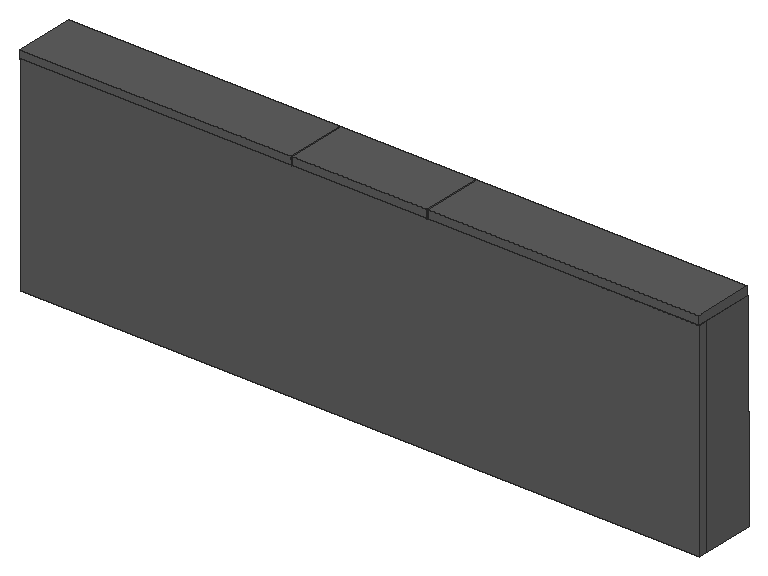
Revit family "WashbasinUnit-150cm-Double-Vitra-OriginSeries-65695+65696+65697", category Furniture Systems, host Face, Revit 2017
Family settings
  Host = Face
  Round Connector Dimension = Use Diameter
  Part Type = Normal
  OmniClass Number = 23.40.00.00
  OmniClass Title = Equipment and Furnishings
  Cut with Voids When Loaded = No
  Shared = Yes
  Room Calculation Point = No
Parameters (values of type "WashbasinUnit-Vitra-OriginSeries-150cm_65695")
  Youtube = "https://www.youtube.com/user/VitrAglobal"
  Weight Net (kg) = "25"
  Warranty Period (Year) = "2"
  Uniformat II Description = "FURNISHINGS"
  Uniformat II Code = "E20"
  Uniclass 2015 Name = "Wash basins, sinks and troughs"
  Uniclass 2015 Code = "Pr_40_20_93"
  Uniclass 2.0 Description = "Bathroom Cabinets"
  Uniclass 2.0 Code = "PR-35-75-08"
  Uniclass 1.4 Description = "Bathroom Cabinets"
  Uniclass 1.4 Code = "L8241"
  URL = "https://vitraglobal.com/"
  UNSPSC Description = "Bathroom Cabinets"
  UNSPSC Code = "301815"
  Technical description = "https://www.vitraglobal.com/pdf/65695/"
  Tap hole Options (default) = ""
  Specification = ""
  Secondary Material = MattWhite
  Region South America = "All"
  Region Oceania = "All"
  Region North America = "All"
  Region Middle East = "All"
  Region Europe = "All"
  Region Asia = "All"
  Region Antarctica = "All"
  Region Africa = "All"
  Product url = "https://www.vitraglobal.com/bathroom-furniture/counters/storage-tables/origin-counter-with-drawer-sku-65695/"
  Product manual = ""
  Product group = "Washbasin Unit"
  Product family = "Origin"
  Product data url = "https://www.bimobject.com/vitra-bathrooms/product/65695-65696-65697"
  Product certification = "https://www.vitraglobal.com/brochures/"
  Product SKU = "65695"
  Product Guid = "https://www.vitraglobal.com/uyeIslem/fileDownload.aspx?udkEnc=jknA0+Tbm/Hm4TOyUwN+8y2DmbYZpN3DgWVixSaqpUl8lHcyJ4riURwxWsHd8AcBDazUBka7BIJo6TEQ9OYqmQ==&lang=en-US"
  Primary Material = Patterned Black Oak
  OmniClass Description = "Bathroom Cabinets"
  OmniClass Code = "23-31 25 13"
  Nominal Width (mm) = 1500 mm
  Nominal Height (mm) = 135 mm
  Nominal Depth (mm) = 480 mm
  NBS Referans Description = "Bathroom Cabinets"
  NBS Referans Code = "35-75-08"
  Mounting type = "Wall-Hung"
  Masterformat 2014 Description = "Bathroom Unit Modules"
  Masterformat 2014 Code = "13 42 13"
  Manufacturer name = "VitrA"
  Manufacturer = "VitrA"
  Main Material = "Wood"
  Installation instructions = "https://www.vitraglobal.com/uyeIslem/fileDownload.aspx?udkEnc=YT1cocbwVf1nhQ2jtuzVLRf+lQtiPzEc0mZ6gFoRvuzyYprAYoFjRTn2tIH66LmL1a1Jq37ROE+33uM/PE7myg==&lang=en-US"
  IFC Classification = "Furniture"
  EAN code = ""
  Design country = "Turkey"
  Description = "Origin Washbasin Unit, 150 cm"
  Default Elevation = 660 mm
  Color = "Matt White/Dore Oak"
  COBIe Type Category = ""
  Brand = "VitrA"
  BIMobject category = "Bathroom compound units"
  Article No. (default) = "65695"
  Accessories (default) = ""
Types (3, lengths in mm): name | Technical description | Product url | Product data url | Product SKU | Primary Material | Color | Article No. (default)
  WashbasinUnit-Vitra-OriginSeries-150cm_65697 | "https://www.vitraglobal.com/pdf/65697/" | "" | "https://www.vitraglobal.com/bathroom-furniture/counters/storage-tables/origin-counter-with-drawer-sku-65697/" | "65697" | Natural Oak | "Flat Oak" | "65697"
  WashbasinUnit-Vitra-OriginSeries-150cm_65696 | "https://www.vitraglobal.com/pdf/65696/" | "" | "https://www.vitraglobal.com/bathroom-furniture/counters/storage-tables/origin-counter-with-drawer-sku-65696/" | "65696" | Elm | "Elm" | "65696"
  WashbasinUnit-Vitra-OriginSeries-150cm_65695 | "https://www.vitraglobal.com/pdf/65695/" | "https://www.vitraglobal.com/bathroom-furniture/counters/storage-tables/origin-counter-with-drawer-sku-65695/" | "https://www.bimobject.com/vitra-bathrooms/product/65695-65696-65697" | "65695" | Patterned Black Oak | "Matt White/Dore Oak" | "65695"
Reference planes
  plane 1 "Center (Front/Back)": y = 0
  plane 2: z = 0
  plane 3 "Center (Left/Right)": x = -8.77
  plane 4: x = 454.576
  plane 5: x = -1045.424
  plane 6: y = 0.372
  plane 7: y = 135.372
  plane 8: z = 480
Forms (mm)
  Extrusion 1, solid, material "Patterned Black Oak" <- "Primary Material", detail levels fine
    sketch origin (-279.424, -0.624, 231.903) x (0, 0, 1) y (1, 0, 0)
      loop
        line (229.097, -766) -> (229.097, 734) -> (-228.5, 734) -> (-228.5, -766) -> (229.097, -766)
    from 0.997 to 17.997
  Extrusion 2, solid, material "Patterned Black Oak" <- "Primary Material", detail levels fine
    sketch origin (-295.424, 135.372, 232.403) x (0, 0, -1) y (1, 0, 0)
      loop
        line (229, -750) -> (229, -734) -> (-228.597, -734) -> (-228.597, -750) -> (229, -750)
      loop
        line (-228.597, 750) -> (-228.597, 734) -> (229, 734) -> (229, 750) -> (-228.597, 750)
    from 0 to 118
  Extrusion 3, solid, material "Patterned Black Oak" <- "Primary Material", detail levels fine
    sketch origin (-292.424, 133.372, 469.903) x (0, 0, -1) y (1, 0, 0)
      loop
        line (-10.097, -753) -> (8.903, -753) -> (8.903, 745) -> (-10.097, 745) -> (-10.097, -753)
    from 0 to 133
  Extrusion 4, solid, material "Patterned Black Oak" <- "Primary Material", detail levels fine
    sketch origin (-279.424, 134.372, 410.403) x (0, 0, 1) y (1, 0, 0)
      loop
        line (-49.403, -750) -> (50.597, -750) -> (50.597, 718) -> (-49.403, 718) -> (-49.403, -750)
      loop
        line (-307, 718) -> (-407, 718) -> (-407, -750) -> (-307, -750) -> (-307, 718)
    from 0 to -15.924
  Extrusion 5, solid, material "Patterned Black Oak" <- "Primary Material", detail levels fine
    sketch origin (273.479, 133.372, 469.903) x (0, 0, -1) y (1, 0, 0)
      loop
        line (-10.097, -418.903) -> (-10.097, -421.497) -> (8.903, -421.497) -> (8.903, -418.903) -> (-10.097, -418.903)
    from 0 to 133
  Extrusion 6, solid, detail levels coarse+medium
    sketch origin (0, 0, 0) x (1, 0, 0) y (0, 1, 0)
      loop
        line (454.576, 145.372) -> (-1045.424, 145.372) -> (-1045.424, 0.372) -> (454.576, 0.372) -> (454.576, 145.372)
    from 0 to 480
  Extrusion 7, void
    sketch origin (0, 0, 0) x (1, 0, 0) y (0, 1, 0)
      loop
        line (454.576, 145.372) -> (-1045.424, 145.372) -> (-1045.424, 0.372) -> (454.576, 0.372) -> (454.576, 145.372)
    from 480 to 954.713
  Extrusion 8, solid, material "Patterned Black Oak" <- "Primary Material", detail levels fine
    sketch origin (-26.521, 133.372, 469.903) x (0, 0, -1) y (1, 0, 0)
      loop
        line (-10.097, -418.903) -> (-10.097, -421.497) -> (8.903, -421.497) -> (8.903, -418.903) -> (-10.097, -418.903)
    from 0 to 133
Dimensions and locks
  "Nominal Height (mm)": plane 7 to plane 6
  plane 5 to plane 4 = 1500 mm
  "Nominal Width (mm)": plane 5 to plane 4
  "Nominal Depth (mm)": host face to plane 8
  Extrusion 7 to Extrusion 7 = 474.713 mm
  aligned and locked: plane 2 to host face
  aligned and locked: level to host face
  aligned and locked: Extrusion 2 to Extrusion 1
  aligned and locked: Extrusion 1 to Extrusion 3  (x2)
  aligned and locked: Extrusion 4 to Extrusion 2  (x2)
  aligned and locked: Extrusion 6 to Extrusion 1  (x2)
  aligned and locked: Extrusion 7 sketch curve to Extrusion 6  (x2)
  aligned and locked: Extrusion 7 to Extrusion 3
Automatic sketch dimensions
  host sketch curve to host sketch curve = 2438.4 mm  (x2)
  plane 5 to Extrusion 1 sketch curve = 0 mm
  plane 4 to Extrusion 1 sketch curve = 0 mm
  level to Extrusion 1 sketch curve = 3.403 mm
  plane 8 to Extrusion 1 sketch curve = 19 mm
  plane 5 to Extrusion 2 sketch curve = 0 mm
  plane 4 to Extrusion 2 sketch curve = 0 mm
  plane 8 to Extrusion 2 sketch curve = 19 mm  (x2)
  level to Extrusion 2 sketch curve = 3.403 mm  (x2)
  Extrusion 2 sketch curve to plane 5 = 16 mm
  Extrusion 2 sketch curve to Extrusion 2 sketch curve = 16 mm
  Extrusion 3 sketch curve to plane 8 = 0 mm
  plane 5 to Extrusion 3 sketch curve = 0 mm
  plane 4 to Extrusion 3 sketch curve = 2 mm
  plane 8 to Extrusion 3 sketch curve = 19 mm
  level to Extrusion 4 sketch curve = 3.403 mm
  plane 4 to Extrusion 4 sketch curve = 16 mm  (x2)
  Extrusion 4 sketch curve to Extrusion 4 sketch curve = 100 mm
  plane 8 to Extrusion 4 sketch curve = 119 mm
  plane 8 to Extrusion 4 sketch curve = 19 mm
  Extrusion 4 sketch curve to plane 5 = 16 mm  (x2)
  Extrusion 5 sketch curve to plane 8 = 0 mm
  plane 8 to Extrusion 5 sketch curve = 19 mm
  Extrusion 5 sketch curve to plane 3 "Center (Left/Right)" = 139.249 mm
  Extrusion 5 sketch curve to Extrusion 5 sketch curve = 2.594 mm
  Extrusion 6 sketch curve to plane 5 = 0 mm
  Extrusion 6 sketch curve to plane 4 = 0 mm
  Extrusion 6 sketch curve to plane 6 = 0 mm
  plane 7 to Extrusion 6 sketch curve = 10 mm
  Extrusion 7 sketch curve to plane 6 = 0 mm
  plane 7 to Extrusion 7 sketch curve = 10 mm
  Extrusion 8 sketch curve to plane 8 = 0 mm
  plane 8 to Extrusion 8 sketch curve = 19 mm
  Extrusion 8 sketch curve to plane 3 "Center (Left/Right)" = 439.249 mm
  Extrusion 8 sketch curve to Extrusion 8 sketch curve = 2.594 mm
